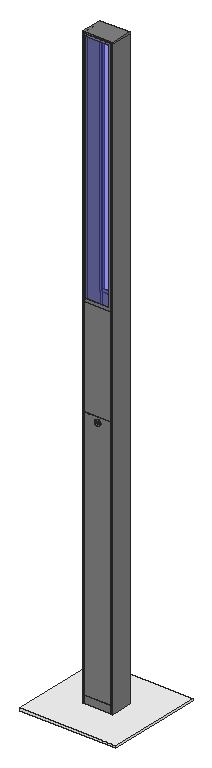
Revit family "BE_84574_de_DE", category Leuchten, Revit 2020
Family settings
  Basisbauteil = Fläche
  Bemaßung runder Anschluss = Durchmesser verwenden
  Teiletyp = Normal
  Beim Laden mit Abzugskörper schneiden = Ja
  Lichtquelle = Ja
  Gemeinsam genutzt = Nein
  Raumberechnungspunkt = Ja
Parameters (values of type "BEGA_84574_Grafit_K4")
  built-in parameter 1150104 = 18.271 (stored number, unit not read)
  Wattage = 30 W
  Default Elevation = 0 mm
  built-in parameter 1150113 = 1 (stored number, unit not read)
  built-in parameter 1114218 = 1 (stored number, unit not read)
  Umgebungstemperatur = "25 °C"
  URL = "https://www.bega.com/de/produkt/84574"
  Typenkommentare = "© 2022 BEGA. Wir behalten uns das Recht vor, technische Änderungen ohne vorherige Ankündigung vorzunehmen."  # constant formula
  Type Image = 84574.png
  built-in parameter 1150134 = 12
  built-in parameter 1150109 = 1 (stored number, unit not read)
  Strom = ""
  built-in parameter 1150110 = 1 (stored number, unit not read)
  Spannung = 239.996 V
  Sonderanfertigung = no
  Seriennummer [instance] = "Hier können Sie die eindeutige Seriennummer für das Facility Management eintragen."
  Schutzklasse = "II"
  Schutzart = "IP 65"
  Scheinlast = 0 VA
  Produktdatenblatt = "https://cdn.bega.com/bega/products/84574AK3/current/documents/data-sheets/de"
  Oberflächentemperatur = ""
  Neigungswinkel = 0.00°
  Modell = "84574K4"
  Material_17 = BEGA_Reflektor
  Material_15 = BEGA_Leuchtmedium_matt
  Material_11 = BEGA_Glas_opal
  Material_09 = BEGA_Glas_klar
  Material_06 = BEGA_Oberfläche_Edelstahl_gebürstet
  Material_03 = BEGA_Oberfläche_Weiss_matt
  Material_02 = BEGA_Oberfläche_Silber_matt
  Material_01 [instance] = BEGA_Oberfläche_Grafit_matt
  M_W = no
  M_G = yes
  M_A = no
  Logo = 0
  built-in parameter 1114217 = 1 (stored number, unit not read)
  built-in parameter 1150139 = (empty or 0)
  built-in parameter 1150105 = 469.52 (stored number, unit not read)
  built-in parameter 1150114 = 1 (stored number, unit not read)
  Lumens = 5900.1 lm
  built-in parameter 1150115 = 1 (stored number, unit not read)
  Leuchtenlichtstrom = "2408 lm"
  Leuchtenanzahl = ""
  Lebensdauerkriterien = "L70B50 @ 25 °C = 190000 h"
  Lastklassifizierung = Beleuchtung
  built-in parameter 1150112 = 1 (stored number, unit not read)
  Lampenlichtstrom = "5900 lm"
  Lampe = "LED 30 W"
  LED_Modulbezeichnung = "4x LED-1116/840"
  built-in parameter 1150142 = (empty or 0)
  Hersteller = "BEGA"  # constant formula
  Halbstreuwinkel = ""
  Gewicht = "22.0 kg"
  Gebrauchslageneinschränkung [instance] = ""
  Frequenz = "0/50-60 Hz"
  Farbwiedergabeindex = "CRI > 80"
  Farbtemperaturverschiebung bei Dämpfen der Lampe = <Keine Auswahl>
  Farbtemperatur = "4000 K"
  Color Filter = 16777215
  built-in parameter 1150133 = 10 (stored number, unit not read)
  Energieeffizienzklasse = "LED A++ - A"
  built-in parameter 1150137 = (empty or 0)
  built-in parameter 1150132 = (empty or 0)
  ENEC = "ja"
  Dimmbar [instance] = "DALI"
  Datei für fotometrisches Netz = "BE_84574K4.IES"
  CE_Konformität = "ja"
  Bestellnummer = "84574K4"
  Beschreibung_Sonderanfertigung = "Hier können Sie Informationen zur Sonderanfertigung eintragen."
  Beschreibung = "Lichtbauelement"
  built-in parameter 1150106 = 4.6952 (stored number, unit not read)
  Befestigungsbohrung = ""
  Befestigungsabstand = ""
  Ballwurfsicher = ""
  BEGA_Intern_aus = yes
  BEGA_Intern_an = yes
  BEGA_Intern_Konstruktion = yes
  BEGA_Intern = yes
  BEGA_IES = yes
  BEGA_Dummy = no
  Anschlussleitung = ""
  Anschlussleistung [instance] = "35.7 W"
  built-in parameter 1150107 = 4000 (stored number, unit not read)
  built-in parameter 1150102 = (empty or 0)
  built-in parameter 1150138 = (empty or 0)
  Aktualisierung = "2022-05-19T04:00:07"
  Abstand_zur_angestrahlten_Fläche [instance] = ""
  AC/DC = "AC/DC"
Types (4, lengths in mm): name | built-in parameter 1150104 | built-in parameter 1150134 | Modell | M_G | M_A | built-in parameter 1150105 | Lumens | Leuchtenlichtstrom | Lampenlichtstrom | LED_Modulbezeichnung | Farbtemperatur | Datei für fotometrisches Netz | Bestellnummer | built-in parameter 1150106 | built-in parameter 1150107
  BEGA_84574_Silber_K4 | 18.271 (stored number, unit not read) | 12 | "84574AK4" | no | yes | 469.52 (stored number, unit not read) | 5900.1 lm | "2408 lm" | "5900 lm" | "4x LED-1116/840" | "4000 K" | "BE_84574K4.IES" | "84574AK4" | 4.6952 (stored number, unit not read) | 4000 (stored number, unit not read)
  BEGA_84574_Grafit_K3 | 17.404 (stored number, unit not read) | (empty or 0) | "84574K3" | yes | no | 447.22 (stored number, unit not read) | 5619.9 lm | "2294 lm" | "5620 lm" | "4x LED-1116/830" | "3000 K" | "BE_84574K3.IES" | "84574K3" | 4.4722 (stored number, unit not read) | 3000 (stored number, unit not read)
  BEGA_84574_Silber_K3 | 17.404 (stored number, unit not read) | (empty or 0) | "84574AK3" | no | yes | 447.22 (stored number, unit not read) | 5619.9 lm | "2294 lm" | "5620 lm" | "4x LED-1116/830" | "3000 K" | "BE_84574K3.IES" | "84574AK3" | 4.4722 (stored number, unit not read) | 3000 (stored number, unit not read)
  BEGA_84574_Grafit_K4 | 18.271 (stored number, unit not read) | 12 | "84574K4" | yes | no | 469.52 (stored number, unit not read) | 5900.1 lm | "2408 lm" | "5900 lm" | "4x LED-1116/840" | "4000 K" | "BE_84574K4.IES" | "84574K4" | 4.6952 (stored number, unit not read) | 4000 (stored number, unit not read)
Reference planes
  plane 1 "Mitte (Vorne/Hinten)": y = 0
  plane 2: z = 0
  plane 3 "Mitte (Links/Rechts)": x = 0
  plane 4 "Links": x = -61.544
  plane 5 "Rechts": x = 61.457
  plane 6 "Unten": y = -45
  plane 7 "Oben": y = 45
  plane 8 "Vorne": z = 2506
  plane 9 "Hinten": z = 0
Forms (mm)
  Extrusion 1, solid, material "BEGA_Platte_Weiss"
    sketch origin (0, -1119.2, 0) x (1, 0, 0) y (0, 1, 0)
      loop
        line (-200, 1319.2) -> (-200, 919.2) -> (200, 919.2) -> (200, 1319.2) -> (-200, 1319.2)
    from 0 to -10
  Extrusion 2, solid, material "BEGA_Dummy_matt", visible <- "BEGA_Dummy"
    sketch origin (80.095, -76.023, 0) x (1, 0, 0) y (0, 1, 0)
      loop
        line (-141.639, 121.023) -> (-141.639, 31.023) -> (-18.638, 31.023) -> (-18.638, 121.023) -> (-141.639, 121.023)
    from 0 to 2506
Dimensions and locks
  plane 1 "Mitte (Vorne/Hinten)" to Extrusion 1 = 200 mm
  nested 1 to Extrusion 2 = 45 mm
  aligned and locked: plane 2 to Extrusion 1
  aligned and locked: level to Extrusion 1
Nested families
  nested 1: "84574" at (0, 0, 0), type "84574"
Connectors
  electrical at (0, 0, 0), driven by "Lastklassifizierung", driven by "Spannung", driven by "Scheinlast"
    settings: index 1, voltage 239.996 V, apparent load 0 VA, apparent load phase1 0 VA, apparent load phase2 0 VA, apparent load phase3 0 VA, power factor 1, load classification "Beleuchtung", number of poles 1, system type 31, power factor state 1, is connector primary yes, connector utility no, sub classification motor no, connector description ""
Definition of nested family "84574"
  Parameters (values of type "84574")
    Default Elevation = 1 mm
    URL = "http://www.bega.de/de/produkt"
    Type Comments = "© 2015 BEGA. Wir behalten uns das Recht vor, technische Änderungen ohne vorherige Ankündigung vorzunehmen. "  # constant formula
    Type Image = (empty or 0)
    Neigungswinkel_um_Z2 = 0.00°
    Neigungswinkel_um_Z1 = 0.00°
    Neigungswinkel_um_Y2 = 0.00°
    Neigungswinkel_um_Y1 = 0.00°
    Neigungswinkel_um_X2 = 0.00°
    Neigungswinkel_um_X1 = 0.00°
    Material_17 = none
    Material_15 = none
    Material_11 = none
    Material_09 = none
    Material_06 = none
    Material_02 = none
    Material_01 = none
    M_W = yes
    M_G = yes
    M_A = yes
    Länge_Platte = 200 mm  # constant formula
    Höhe_Platte = -10 mm  # constant formula
    Manufacturer = "BEGA"  # constant formula
    Drehwinkel_um_Z2 = 0.00°
    Drehwinkel_um_Z1 = 0.00°
    Breite_Platte = 200 mm  # constant formula
  Reference planes
    plane 1 "Mitte (Oben/Unten)": y = 0
    plane 2: z = 0
    plane 3 "Mitte (Links/Rechts)": x = 0
    plane 4 "Vorne": z = 2506
    plane 5 "Hinten": z = 0
    plane 6 "Links": x = -61.544
    plane 7 "Rechts": x = 58.457
    plane 8 "Oben": y = 45
    plane 9 "Unten": y = -45
  Forms (mm)
    Extrusion 1, solid, detail levels medium
      sketch origin (0, 0, 0) x (1, 0, 0) y (0, 1, 0)
        loop
          line (-100, 100) -> (-100, -100) -> (100, -100) -> (100, 100) -> (-100, 100)
      from 0 to -10 <- "Höhe_Platte"
    Extrusion 2, solid, material <- "Material_01", visible <- "M_G"
      sketch origin (0, 0, 0) x (1, 0, 0) y (0, 1, 0)
        loop
          line (-61.544, 45) -> (-61.544, -45) -> (-58.543, -45) -> (-58.543, -42) -> (-56.543, -42) -> (-56.543, -45) -> (56.453, -45) -> (56.453, -42) -> (58.457, -42) -> (58.457, -45) -> (61.457, -45) -> (61.457, 45) -> (58.457, 45) -> (58.457, 42) -> (56.457, 42) -> (56.457, 45) -> (-56.543, 45) -> (-56.543, 42) -> (-58.543, 42) -> (-58.543, 45) -> (-61.544, 45)
        loop
          line (-58.543, 39.047) -> (-58.543, -39) -> (-52.543, -39) -> (-52.543, -42.03) -> (52.457, -42.03) -> (52.457, -39) -> (58.457, -39) -> (58.457, 39) -> (52.457, 39) -> (52.457, 41.976) -> (-52.59, 41.976) -> (-52.59, 39.047) -> (-58.543, 39.047)
      from 0 to 2500
    Extrusion 3, void
      sketch origin (0, 0, 0) x (1, 0, 0) y (0, 0, 1)
        loop
          line (-56.543, 32) -> (-56.543, 30) -> (56.453, 30) -> (56.453, 32) -> (-56.543, 32)
        loop
          line (-56.543, 1090) -> (-56.543, 1088) -> (56.453, 1088) -> (56.453, 1090) -> (-56.543, 1090)
        loop
          circle (0, 1066) r 12.5
        loop
          circle (0, 1066) r 11.45
        loop
          circle (0, 1066) r 7
        loop
          line (-0.707, 1070.95) -> (-4.95, 1066.707) -> (-4.95, 1065.293) -> (-0.711, 1061.054) -> (0.711, 1061.054) -> (4.95, 1065.293) -> (4.95, 1066.707) -> (0.707, 1070.95) -> (-0.707, 1070.95)
      from 43 to 100
    Extrusion 4, solid, material <- "Material_01", visible <- "M_G"
      sketch origin (0, 0, 0) x (1, 0, 0) y (0, 1, 0)
        loop
          line (-60.544, -44) -> (-58.543, -44) -> (-58.543, -42) -> (-56.543, -42) -> (-56.543, -44) -> (56.457, -44) -> (56.457, -42) -> (58.457, -42) -> (58.457, -44) -> (60.457, -44) -> (60.457, 44) -> (58.457, 44) -> (58.457, 42) -> (56.457, 42) -> (56.457, 44) -> (-56.543, 44) -> (-56.543, 42) -> (-58.543, 42) -> (-58.543, 44) -> (-60.544, 44) -> (-60.544, -44)
      from 2500 to 2500.5
    Extrusion 5, solid, material <- "Material_01", visible <- "M_G"
      sketch origin (0, 0, 0) x (1, 0, 0) y (0, 1, 0)
        loop
          line (-61.544, 45) -> (-61.544, -45) -> (61.457, -45) -> (61.457, 45) -> (-61.544, 45)
      from 2500.5 to 2506
    Extrusion 6, void
      sketch origin (0, 0, 0) x (1, 0, 0) y (0, 0, 1)
        loop
          line (-56.544, 2502) -> (-56.544, 1500) -> (56.453, 1500) -> (56.453, 2502) -> (-56.544, 2502)
      from 45 to -112.291
    Extrusion 7, void
      sketch origin (0, 0, 0) x (1, 0, 0) y (0, 0, 1)
        loop
          line (-52.543, 2500) -> (-52.543, 1503.498) -> (52.457, 1503.498) -> (52.457, 2500) -> (-52.543, 2500)
      from 45 to 35
    Extrusion 8, solid, material <- "Material_11"
      sketch origin (-9.361, 0, -9.5) x (1, 0, 0) y (0, 0, 1)
        loop
          line (-38.539, 1519.5) -> (56.461, 1519.5) -> (56.461, 2500.5) -> (-38.539, 2500.5) -> (-38.539, 1519.5)
      from 45 to 41
    Extrusion 9, solid, material <- "Material_01", visible <- "M_G"
      sketch origin (0, 0, 0) x (1, 0, 0) y (0, 1, 0)
        loop
          line (-50.495, 28.502) -> (-50.495, -28.498) -> (50.505, -28.498) -> (50.505, 28.502) -> (-50.495, 28.502)
        loop
          line (-24.992, 25.502) -> (-24.992, 24.502) -> (-41.494, 24.502) -> (-41.494, 12.509) -> (-47.495, 12.509) -> (-47.495, -18.216) -> (-27.995, -18.216) -> (-27.995, -25.498) -> (28.005, -25.498) -> (28.005, -17.998) -> (47.505, -17.998) -> (47.505, 12.502) -> (41.525, 12.502) -> (41.525, 24.502) -> (25.005, 24.502) -> (25.005, 25.502) -> (-24.992, 25.502)
      from 0 to 565
    Extrusion 10, solid, material <- "Material_02", visible <- "M_A"
      sketch origin (0, 0, 0) x (1, 0, 0) y (0, 1, 0)
        loop
          line (-50.495, 28.502) -> (-50.495, -28.498) -> (50.505, -28.498) -> (50.505, 28.502) -> (-50.495, 28.502)
        loop
          line (-24.992, 25.502) -> (-24.992, 24.502) -> (-41.494, 24.502) -> (-41.494, 12.509) -> (-47.495, 12.509) -> (-47.495, -18.216) -> (-27.995, -18.216) -> (-27.995, -25.498) -> (28.005, -25.498) -> (28.005, -17.998) -> (47.505, -17.998) -> (47.505, 12.502) -> (41.525, 12.502) -> (41.525, 24.502) -> (25.005, 24.502) -> (25.005, 25.502) -> (-24.992, 25.502)
      from 0 to 565
    Extrusion 11, solid, material <- "Material_02", visible <- "M_A"
      sketch origin (0, 0, 0) x (1, 0, 0) y (0, 1, 0)
        loop
          line (-61.544, 45) -> (-61.544, -45) -> (-58.543, -45) -> (-58.543, -42) -> (-56.543, -42) -> (-56.543, -45) -> (56.453, -45) -> (56.453, -42) -> (58.457, -42) -> (58.457, -45) -> (61.457, -45) -> (61.457, 45) -> (58.457, 45) -> (58.457, 42) -> (56.457, 42) -> (56.457, 45) -> (-56.543, 45) -> (-56.543, 42) -> (-58.543, 42) -> (-58.543, 45) -> (-61.544, 45)
        loop
          line (-58.543, 39.047) -> (-58.543, -39) -> (-52.543, -39) -> (-52.543, -42.03) -> (52.457, -42.03) -> (52.457, -39) -> (58.457, -39) -> (58.457, 39) -> (52.457, 39) -> (52.457, 41.976) -> (-52.59, 41.976) -> (-52.59, 39.047) -> (-58.543, 39.047)
      from 0 to 2500
    Extrusion 12, solid, material <- "Material_02", visible <- "M_A"
      sketch origin (0, 0, 0) x (1, 0, 0) y (0, 1, 0)
        loop
          line (-61.544, 45) -> (-61.544, -45) -> (61.457, -45) -> (61.457, 45) -> (-61.544, 45)
      from 2500.5 to 2506
    Extrusion 13, solid, material <- "Material_02", visible <- "M_A"
      sketch origin (0, 0, 0) x (1, 0, 0) y (0, 1, 0)
        loop
          line (-60.544, -44) -> (-58.543, -44) -> (-58.543, -42) -> (-56.543, -42) -> (-56.543, -44) -> (56.457, -44) -> (56.457, -42) -> (58.457, -42) -> (58.457, -44) -> (60.457, -44) -> (60.457, 44) -> (58.457, 44) -> (58.457, 42) -> (56.457, 42) -> (56.457, 44) -> (-56.543, 44) -> (-56.543, 42) -> (-58.543, 42) -> (-58.543, 44) -> (-60.544, 44) -> (-60.544, -44)
      from 2500 to 2500.5
    Extrusion 14, solid, material <- "Material_02", visible <- "M_A"
      sketch origin (0, 0, 0) x (1, 0, 0) y (0, 0, 1)
        loop
          line (-56.544, 2500.5) -> (-56.544, 1500) -> (56.453, 1500) -> (56.453, 2500.5) -> (-56.544, 2500.5)
        loop
          line (-47.901, 2491) -> (-47.901, 1510) -> (47.099, 1510) -> (47.099, 2491) -> (-47.901, 2491)
      from 45 to 41
    Extrusion 15, solid, material <- "Material_01", visible <- "M_G"
      sketch origin (0, 0, 0) x (1, 0, 0) y (0, 0, 1)
        loop
          line (-56.544, 2500.5) -> (-56.544, 1500) -> (56.453, 1500) -> (56.453, 2500.5) -> (-56.544, 2500.5)
        loop
          line (-47.901, 2491) -> (-47.901, 1510) -> (47.099, 1510) -> (47.099, 2491) -> (-47.901, 2491)
      from 45 to 41
    Extrusion 16, solid, material <- "Material_11"
      sketch origin (0, 0, 0) x (1, 0, 0) y (0, 0, 1)
        loop
          line (47.099, 2491) -> (-47.901, 2491) -> (-47.901, 1510) -> (47.099, 1510) -> (47.099, 2491)
      from -45 to -41
    Extrusion 17, solid, material <- "Material_02", visible <- "M_A"
      sketch origin (0, 0, 0) x (1, 0, 0) y (0, 0, 1)
        loop
          line (47.099, 2491) -> (-47.901, 2491) -> (-47.901, 1510) -> (47.099, 1510) -> (47.099, 2491)
        loop
          line (56.453, 2500.007) -> (-56.543, 2500.007) -> (-56.543, 1500) -> (56.453, 1500) -> (56.453, 2500.007)
      from -45 to -41
    Extrusion 18, solid, material <- "Material_01", visible <- "M_G"
      sketch origin (0, 0, 0) x (1, 0, 0) y (0, 0, 1)
        loop
          line (47.099, 2491) -> (-47.901, 2491) -> (-47.901, 1510) -> (47.099, 1510) -> (47.099, 2491)
        loop
          line (56.453, 2500.007) -> (-56.543, 2500.007) -> (-56.543, 1500) -> (56.453, 1500) -> (56.453, 2500.007)
      from -45 to -41
  Cuts and joins
    Extrusion 3, Extrusion 6, Extrusion 7 cuts Extrusion 2
    Extrusion 6, Extrusion 7 cuts Extrusion 4
    Extrusion 6, Extrusion 7 cuts Extrusion 5
    joined: Extrusion 2, Extrusion 4, Extrusion 5
    Extrusion 3, Extrusion 6, Extrusion 7 cuts Extrusion 11
    Extrusion 6 cuts Extrusion 12
    Extrusion 6 cuts Extrusion 13
  Dimensions and locks
    equal spacing: Extrusion 1 sketch curve, plane 3 "Mitte (Links/Rechts)", Extrusion 1 sketch curve
    equal spacing: Extrusion 1 sketch curve, plane 1 "Mitte (Oben/Unten)", Extrusion 1 sketch curve
    "Länge_Platte": Extrusion 1 sketch curve to Extrusion 1 sketch curve
    "Breite_Platte": Extrusion 1 sketch curve to Extrusion 1 sketch curve
    Extrusion 3 sketch curve to Extrusion 1 = 30 mm
    Extrusion 3 sketch curve to Extrusion 3 sketch curve = 2 mm  (x2)
    Extrusion 3 sketch curve to Extrusion 1 = 1088 mm
    cut or joined group of Extrusion 2, Extrusion 3, Extrusion 4, Extrusion 5, Extrusion 6, Extrusion 7 to Extrusion 6 sketch curve = 4 mm
    Extrusion 6 sketch curve to Extrusion 6 sketch curve = 1002 mm
    Extrusion 7 sketch curve to cut or joined group of Extrusion 2, Extrusion 3, Extrusion 4, Extrusion 5, Extrusion 6, Extrusion 7 = 3.498 mm
    aligned and locked: plane 2 to Extrusion 1
    aligned and locked: level to Extrusion 1
  Automatic sketch dimensions
    Extrusion 2 sketch curve to plane 3 "Mitte (Links/Rechts)" = 61.544 mm
    Extrusion 2 sketch curve to Extrusion 2 sketch curve = 3.001 mm  (x3)
    Extrusion 2 sketch curve to Extrusion 2 sketch curve = 2 mm  (x3)
    Extrusion 2 sketch curve to Extrusion 2 sketch curve = 3.952 mm
    Extrusion 2 sketch curve to Extrusion 2 sketch curve = 4 mm  (x2)
    plane 3 "Mitte (Links/Rechts)" to Extrusion 2 sketch curve = 52.457 mm  (x2)
    Extrusion 2 sketch curve to Extrusion 2 sketch curve = 3.996 mm
    Extrusion 2 sketch curve to Extrusion 2 sketch curve = 0 mm  (x3)
    Extrusion 2 sketch curve to Extrusion 2 sketch curve = 2.004 mm
    Extrusion 2 sketch curve to Extrusion 2 sketch curve = 3 mm  (x7)
    plane 1 "Mitte (Oben/Unten)" to Extrusion 2 sketch curve = 45 mm  (x2)
    Extrusion 2 sketch curve to Extrusion 2 sketch curve = 2.97 mm
    Extrusion 2 sketch curve to Extrusion 2 sketch curve = 3.03 mm
    Extrusion 2 sketch curve to plane 1 "Mitte (Oben/Unten)" = 39 mm
    Extrusion 2 sketch curve to plane 1 "Mitte (Oben/Unten)" = 39.048 mm
    Extrusion 2 sketch curve to Extrusion 2 sketch curve = 2.977 mm
    Extrusion 2 sketch curve to Extrusion 2 sketch curve = 2.952 mm
    Extrusion 3 sketch curve to Extrusion 3 sketch curve = 0 mm  (x4)
    Extrusion 3 sketch curve to plane 3 "Mitte (Links/Rechts)" = 0 mm
    Extrusion 3 sketch curve to plane 3 "Mitte (Links/Rechts)" = 0.711 mm
    Extrusion 3 sketch curve to plane 3 "Mitte (Links/Rechts)" = 4.95 mm
    Extrusion 3 sketch curve to Extrusion 3 sketch curve = 51.593 mm
    Extrusion 3 sketch curve to plane 3 "Mitte (Links/Rechts)" = 56.543 mm
    plane 3 "Mitte (Links/Rechts)" to Extrusion 3 sketch curve = 0.711 mm
    plane 3 "Mitte (Links/Rechts)" to Extrusion 3 sketch curve = 4.95 mm
    plane 3 "Mitte (Links/Rechts)" to Extrusion 3 sketch curve = 56.453 mm  (x2)
    Extrusion 3 sketch curve to Extrusion 3 sketch curve = 26.946 mm
    Extrusion 3 sketch curve to Extrusion 3 sketch curve = 4.238 mm  (x2)
    Extrusion 3 sketch curve to Extrusion 3 sketch curve = 4.946 mm
    Extrusion 3 sketch curve to Extrusion 3 sketch curve = 1.414 mm  (x2)
    Extrusion 3 sketch curve to plane 3 "Mitte (Links/Rechts)" = 0.707 mm
    plane 3 "Mitte (Links/Rechts)" to Extrusion 3 sketch curve = 0.707 mm
    Extrusion 3 sketch curve to Extrusion 3 sketch curve = 4.95 mm
    Extrusion 5 sketch curve to plane 3 "Mitte (Links/Rechts)" = 61.544 mm
    plane 3 "Mitte (Links/Rechts)" to Extrusion 5 sketch curve = 61.457 mm
    plane 1 "Mitte (Oben/Unten)" to Extrusion 5 sketch curve = 45 mm
    Extrusion 5 sketch curve to plane 1 "Mitte (Oben/Unten)" = 45 mm
    Extrusion 4 sketch curve to Extrusion 4 sketch curve = 2.001 mm  (x2)
    Extrusion 4 sketch curve to Extrusion 4 sketch curve = 2 mm  (x9)
    Extrusion 4 sketch curve to Extrusion 4 sketch curve = 4 mm  (x2)
    plane 1 "Mitte (Oben/Unten)" to Extrusion 4 sketch curve = 44 mm  (x2)
    Extrusion 4 sketch curve to Extrusion 4 sketch curve = 0 mm
    Extrusion 4 sketch curve to plane 1 "Mitte (Oben/Unten)" = 42 mm  (x2)
    Extrusion 4 sketch curve to plane 3 "Mitte (Links/Rechts)" = 60.544 mm
    plane 3 "Mitte (Links/Rechts)" to Extrusion 4 sketch curve = 56.457 mm
    Extrusion 7 sketch curve to plane 3 "Mitte (Links/Rechts)" = 52.543 mm
    plane 3 "Mitte (Links/Rechts)" to Extrusion 7 sketch curve = 52.457 mm
    Extrusion 7 sketch curve to Extrusion 7 sketch curve = 996.502 mm
    Extrusion 9 sketch curve to plane 3 "Mitte (Links/Rechts)" = 50.495 mm
    Extrusion 9 sketch curve to Extrusion 9 sketch curve = 3 mm  (x2)
    Extrusion 9 sketch curve to Extrusion 9 sketch curve = 6 mm
    Extrusion 9 sketch curve to Extrusion 9 sketch curve = 19.5 mm
    Extrusion 9 sketch curve to Extrusion 9 sketch curve = 16.503 mm
    plane 3 "Mitte (Links/Rechts)" to Extrusion 9 sketch curve = 25.005 mm
    plane 3 "Mitte (Links/Rechts)" to Extrusion 9 sketch curve = 28.005 mm
    Extrusion 9 sketch curve to Extrusion 9 sketch curve = 16.52 mm
    Extrusion 9 sketch curve to Extrusion 9 sketch curve = 5.98 mm
    Extrusion 9 sketch curve to Extrusion 9 sketch curve = 8.98 mm
    plane 1 "Mitte (Oben/Unten)" to Extrusion 9 sketch curve = 28.498 mm
    Extrusion 9 sketch curve to Extrusion 9 sketch curve = 10.282 mm
    Extrusion 9 sketch curve to Extrusion 9 sketch curve = 10.5 mm
    Extrusion 9 sketch curve to plane 1 "Mitte (Oben/Unten)" = 12.502 mm
    Extrusion 9 sketch curve to plane 1 "Mitte (Oben/Unten)" = 12.509 mm
    Extrusion 9 sketch curve to Extrusion 9 sketch curve = 12 mm
    Extrusion 9 sketch curve to Extrusion 9 sketch curve = 11.993 mm
    Extrusion 9 sketch curve to Extrusion 9 sketch curve = 1 mm
    Extrusion 9 sketch curve to Extrusion 9 sketch curve = 4 mm
    Extrusion 10 sketch curve to plane 3 "Mitte (Links/Rechts)" = 50.495 mm
    Extrusion 10 sketch curve to Extrusion 10 sketch curve = 3 mm  (x2)
    Extrusion 10 sketch curve to Extrusion 10 sketch curve = 6 mm
    Extrusion 10 sketch curve to Extrusion 10 sketch curve = 19.5 mm
    Extrusion 10 sketch curve to Extrusion 10 sketch curve = 16.503 mm
    plane 3 "Mitte (Links/Rechts)" to Extrusion 10 sketch curve = 25.005 mm
    plane 3 "Mitte (Links/Rechts)" to Extrusion 10 sketch curve = 28.005 mm
    Extrusion 10 sketch curve to Extrusion 10 sketch curve = 16.52 mm
    Extrusion 10 sketch curve to Extrusion 10 sketch curve = 5.98 mm
    Extrusion 10 sketch curve to Extrusion 10 sketch curve = 8.98 mm
    plane 1 "Mitte (Oben/Unten)" to Extrusion 10 sketch curve = 28.498 mm
    Extrusion 10 sketch curve to Extrusion 10 sketch curve = 10.282 mm
    Extrusion 10 sketch curve to Extrusion 10 sketch curve = 10.5 mm
    Extrusion 10 sketch curve to plane 1 "Mitte (Oben/Unten)" = 12.502 mm
    Extrusion 10 sketch curve to plane 1 "Mitte (Oben/Unten)" = 12.509 mm
    Extrusion 10 sketch curve to Extrusion 10 sketch curve = 12 mm
    Extrusion 10 sketch curve to Extrusion 10 sketch curve = 11.993 mm
    Extrusion 10 sketch curve to Extrusion 10 sketch curve = 1 mm
    Extrusion 10 sketch curve to Extrusion 10 sketch curve = 4 mm
    Extrusion 11 sketch curve to plane 3 "Mitte (Links/Rechts)" = 61.544 mm
    Extrusion 11 sketch curve to Extrusion 11 sketch curve = 3.001 mm  (x3)
    Extrusion 11 sketch curve to Extrusion 11 sketch curve = 2 mm  (x3)
    Extrusion 11 sketch curve to Extrusion 11 sketch curve = 3.952 mm
    Extrusion 11 sketch curve to Extrusion 11 sketch curve = 4 mm  (x2)
    plane 3 "Mitte (Links/Rechts)" to Extrusion 11 sketch curve = 52.457 mm  (x2)
    Extrusion 11 sketch curve to Extrusion 11 sketch curve = 3.996 mm
    Extrusion 11 sketch curve to Extrusion 11 sketch curve = 0 mm  (x3)
    Extrusion 11 sketch curve to Extrusion 11 sketch curve = 2.004 mm
    Extrusion 11 sketch curve to Extrusion 11 sketch curve = 3 mm  (x7)
    plane 1 "Mitte (Oben/Unten)" to Extrusion 11 sketch curve = 45 mm  (x2)
    Extrusion 11 sketch curve to Extrusion 11 sketch curve = 2.97 mm
    Extrusion 11 sketch curve to Extrusion 11 sketch curve = 3.03 mm
    Extrusion 11 sketch curve to plane 1 "Mitte (Oben/Unten)" = 39 mm
    Extrusion 11 sketch curve to plane 1 "Mitte (Oben/Unten)" = 39.048 mm
    Extrusion 11 sketch curve to Extrusion 11 sketch curve = 2.977 mm
    Extrusion 11 sketch curve to Extrusion 11 sketch curve = 2.952 mm
    Extrusion 12 sketch curve to plane 6 "Links" = 0 mm
    Extrusion 12 sketch curve to plane 9 "Unten" = 0 mm
    Extrusion 12 sketch curve to plane 8 "Oben" = 0 mm
    plane 7 "Rechts" to Extrusion 12 sketch curve = 3 mm
    Extrusion 13 sketch curve to plane 7 "Rechts" = 0 mm  (x2)
    Extrusion 13 sketch curve to plane 7 "Rechts" = 2 mm  (x2)
    plane 9 "Unten" to Extrusion 13 sketch curve = 1 mm  (x3)
    plane 6 "Links" to Extrusion 13 sketch curve = 5.001 mm  (x2)
    Extrusion 13 sketch curve to plane 8 "Oben" = 1 mm  (x3)
    Extrusion 13 sketch curve to Extrusion 13 sketch curve = 2 mm  (x7)
    plane 6 "Links" to Extrusion 13 sketch curve = 1 mm
    plane 6 "Links" to Extrusion 8 sketch curve = 13.643 mm
    Extrusion 8 sketch curve to plane 7 "Rechts" = 11.358 mm
    Extrusion 8 sketch curve to plane 4 "Vorne" = 996 mm
    Extrusion 8 sketch curve to plane 4 "Vorne" = 15 mm
    plane 6 "Links" to Extrusion 14 sketch curve = 5 mm
    Extrusion 14 sketch curve to Extrusion 14 sketch curve = 8.643 mm
    Extrusion 14 sketch curve to plane 7 "Rechts" = 11.358 mm
    Extrusion 14 sketch curve to plane 7 "Rechts" = 2.004 mm
    Extrusion 14 sketch curve to plane 4 "Vorne" = 1006 mm
    Extrusion 14 sketch curve to Extrusion 14 sketch curve = 10 mm
    Extrusion 14 sketch curve to plane 4 "Vorne" = 15 mm
    Extrusion 14 sketch curve to plane 4 "Vorne" = 5.5 mm
    plane 6 "Links" to Extrusion 15 sketch curve = 5 mm
    Extrusion 15 sketch curve to Extrusion 15 sketch curve = 8.643 mm
    Extrusion 15 sketch curve to plane 7 "Rechts" = 11.358 mm
    Extrusion 15 sketch curve to plane 7 "Rechts" = 2.004 mm
    Extrusion 15 sketch curve to plane 4 "Vorne" = 1006 mm
    Extrusion 15 sketch curve to Extrusion 15 sketch curve = 10 mm
    Extrusion 15 sketch curve to plane 4 "Vorne" = 15 mm
    Extrusion 15 sketch curve to plane 4 "Vorne" = 5.5 mm
    plane 6 "Links" to Extrusion 16 sketch curve = 13.643 mm
    Extrusion 16 sketch curve to plane 7 "Rechts" = 11.358 mm
    Extrusion 16 sketch curve to plane 4 "Vorne" = 996 mm
    Extrusion 16 sketch curve to plane 4 "Vorne" = 15 mm
    plane 6 "Links" to Extrusion 6 sketch curve = 5 mm
    Extrusion 6 sketch curve to plane 7 "Rechts" = 2.004 mm
    plane 6 "Links" to Extrusion 17 sketch curve = 5.001 mm
    Extrusion 17 sketch curve to Extrusion 17 sketch curve = 8.642 mm
    Extrusion 17 sketch curve to plane 7 "Rechts" = 11.358 mm
    Extrusion 17 sketch curve to plane 7 "Rechts" = 2.004 mm
    Extrusion 17 sketch curve to plane 4 "Vorne" = 1006 mm
    Extrusion 17 sketch curve to Extrusion 17 sketch curve = 10 mm
    Extrusion 17 sketch curve to plane 4 "Vorne" = 15 mm
    Extrusion 17 sketch curve to plane 4 "Vorne" = 5.993 mm
    plane 6 "Links" to Extrusion 18 sketch curve = 5.001 mm
    Extrusion 18 sketch curve to Extrusion 18 sketch curve = 8.642 mm
    Extrusion 18 sketch curve to plane 7 "Rechts" = 11.358 mm
    Extrusion 18 sketch curve to plane 7 "Rechts" = 2.004 mm
    Extrusion 18 sketch curve to plane 4 "Vorne" = 1006 mm
    Extrusion 18 sketch curve to Extrusion 18 sketch curve = 10 mm
    Extrusion 18 sketch curve to plane 4 "Vorne" = 15 mm
    Extrusion 18 sketch curve to plane 4 "Vorne" = 5.993 mm
    radius of Extrusion 3 sketch curve = 12.5 mm
    radius of Extrusion 3 sketch curve = 11.45 mm
    radius of Extrusion 3 sketch curve = 7 mm
